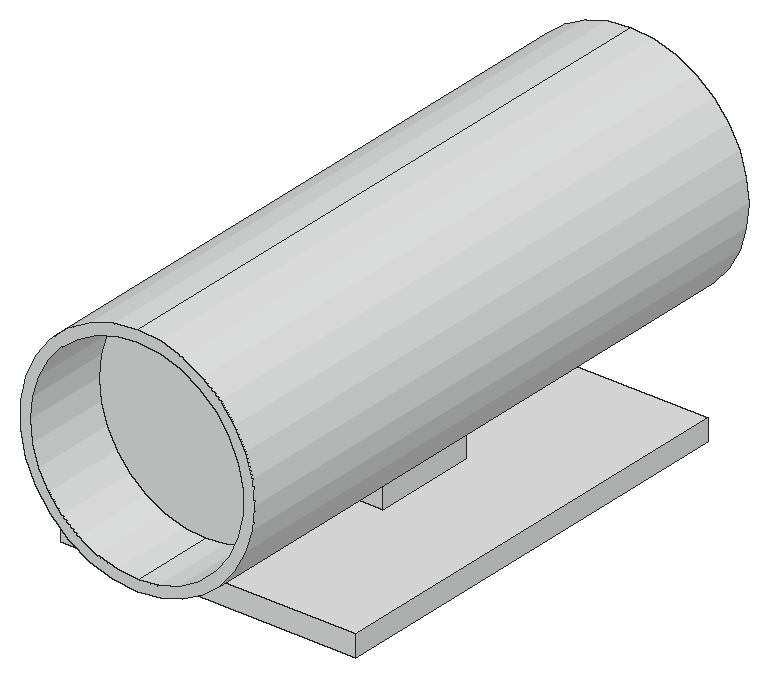
Revit family "Lighting-Surface-Amerlux-Rook X-Up-Down", category Lighting Fixtures, host Face, Revit 2020
Family settings
  Host = Face
  Round Connector Dimension = Use Diameter
  Part Type = Normal
  Cut with Voids When Loaded = No
  Light Source = Yes
  Shared = No
  Room Calculation Point = No
Parameters
  Wattage = 9.2903 W
  built-in parameter 1150110 = 1 (stored number, unit not read)
  Voltage = 0 V
  URL = "http://www.amerlux.com/"
  built-in parameter 1114217 = 1 (stored number, unit not read)
  Tilt Angle = -90.00°
  built-in parameter 1150109 = 1 (stored number, unit not read)
  built-in parameter 1150134 = 3
  built-in parameter 1150113 = 1 (stored number, unit not read)
  Power Factor = 1
  Photometric Web File = "Load File"
  Number of Poles = 1
  built-in parameter 1150142 = (empty or 0)
  Model = "Rook X"
  Manufacturer = "Amerlux"
  built-in parameter 1150105 = 109.82 (stored number, unit not read)
  Lumens = 1380 lm
  built-in parameter 1150115 = 1 (stored number, unit not read)
  built-in parameter 1150137 = (empty or 0)
  built-in parameter 1150139 = (empty or 0)
  built-in parameter 1150112 = 1 (stored number, unit not read)
  built-in parameter 1150114 = 1 (stored number, unit not read)
  built-in parameter 1150132 = (empty or 0)
  built-in parameter 1150102 = (empty or 0)
  built-in parameter 1150107 = 3200 (stored number, unit not read)
  built-in parameter 1150138 = (empty or 0)
  built-in parameter 1150106 = 1.0982 (stored number, unit not read)
  Height = 7.23828"
  Fixture Finish = Aluminum Finish
  Emit from Circle Diameter = 2.50"
  Emit Shape Visible in Rendering = no
  built-in parameter 1150104 = 13.8 (stored number, unit not read)
  Dimming Lamp Color Temperature Shift = <None>
  Description = "Wall Mount"
  Default Elevation = 48.00"
  Color Filter = 16777215
  built-in parameter 1114218 = 1 (stored number, unit not read)
  Back Plate Height = 5.17"
  built-in parameter 1150133 = 10 (stored number, unit not read)
  Apparent Load = 0 VA
Reference planes (in)
  plane 1 "Center (Front/Back)": y = 0
  plane 2: z = 0
  plane 3 "Center (Left/Right)": x = 0
  plane 4: z = 0
  plane 5: z = 24
  plane 6: y = 3.61914
  plane 7: y = -3.61914
  plane 8: y = 2.585
  plane 9: y = -2.585
  plane 10: x = -1.73065
  plane 11: x = 1.73065
Forms (in)
  Extrusion 1, solid, material "Aluminum Finish"
    sketch origin (0, -19.5, 1.91784) x (0, 0, -1) y (-1, 0, 0)
      loop
        circle (0, 0) r 1.375
    from 15.88086 to 23.11914
  Extrusion 2, void
    sketch origin (0, -19.5, 1.91784) x (0, 0, -1) y (-1, 0, 0)
      loop
        circle (0, 0) r 1.25
    from 22.12399 to 23.11914
  Extrusion 3, solid, material "Aluminum Finish" <- "Fixture Finish"
    sketch origin (0, 0, 0) x (1, 0, 0) y (0, 0, 1)
      loop
        line (-1.73065, 0.25) -> (-1.73065, 0) -> (1.73065, 0) -> (1.73065, 0.25) -> (-1.73065, 0.25)
    from -2.585 to 2.585
  Extrusion 4, void
    sketch origin (0, 19.5, 1.91784) x (0, 0, -1) y (1, 0, 0)
      loop
        circle (0, 0) r 1.25
    from 22.12399 to 23.11914
  Extrusion 5, solid, material "Aluminum Finish" <- "Fixture Finish"
    sketch origin (0, 0, 0) x (0, 1, 0) y (0, 0, 1)
      loop
        line (0.59984, 0.5429) -> (-0.60915, 0.5429) -> (-0.60915, 0.25) -> (0.59984, 0.25) -> (0.59984, 0.5429)
    from -0.47183 to 0.47549
Cuts and joins
  Extrusion 2, Extrusion 4 cuts Extrusion 1
Dimensions and locks (in)
  plane 4 to host face = 0.00"
  equal spacing: plane 6, plane 1 "Center (Front/Back)", plane 7
  "Height": plane 6 to plane 7
  equal spacing: plane 8, plane 1 "Center (Front/Back)", plane 9
  "Back Plate Height": plane 8 to plane 9
  equal spacing: plane 10, plane 3 "Center (Left/Right)", plane 11
  plane 10 to plane 11 = 3.4613"
  diameter of Extrusion 1 sketch curve = 2.75"
  aligned and locked: plane 2 to host face
  aligned and locked: level to host face
  aligned and locked: plane 3 "Center (Left/Right)" to imposter light
  aligned and locked: level to Extrusion 3 sketch curve
Automatic sketch dimensions
  host sketch curve to host sketch curve = 96.00"  (x2)
  Extrusion 1 sketch curve to plane 3 "Center (Left/Right)" = 0.00"
  Extrusion 1 sketch curve to plane 5 = 22.08216"
  Extrusion 2 sketch curve to plane 3 "Center (Left/Right)" = 0.00"
  Extrusion 2 sketch curve to plane 5 = 22.08216"
  Extrusion 3 sketch curve to plane 3 "Center (Left/Right)" = 1.73065"
  plane 3 "Center (Left/Right)" to Extrusion 3 sketch curve = 1.73065"
  Extrusion 3 sketch curve to Extrusion 3 sketch curve = 0.25"
  Extrusion 4 sketch curve to plane 3 "Center (Left/Right)" = 0.00"
  Extrusion 4 sketch curve to plane 5 = 22.08216"
  plane 1 "Center (Front/Back)" to Extrusion 5 sketch curve = 0.60915"
  level to Extrusion 5 sketch curve = 0.25"
  Extrusion 5 sketch curve to plane 1 "Center (Front/Back)" = 0.59984"
  Extrusion 5 sketch curve to Extrusion 5 sketch curve = 0.2929"
  radius of Extrusion 2 sketch curve = 1.25"
  radius of Extrusion 4 sketch curve = 1.25"
Nested families (in)
  nested 1: "Family1" at (0, 2.66565, -52.10359), type "Family1"
Connectors (in)
  electrical at (0, 0, 0), driven by "Number of Poles", driven by "Voltage", driven by "Apparent Load", driven by "Power Factor"
    settings: on Extrusion 3, index 1, voltage 0 V, apparent load 0 VA, apparent load phase1 0 VA, apparent load phase2 0 VA, apparent load phase3 0 VA, power factor 1, load classification "Other", number of poles 1, system type 31, power factor state 1, is connector primary yes, connector utility no, sub classification motor no, connector description ""
Definition of nested family "Family1"
  Parameters (values of type "Family1")
    Wattage = 9.2903 W
    built-in parameter 1150110 = 1 (stored number, unit not read)
    built-in parameter 1114217 = 1 (stored number, unit not read)
    Tilt Angle = 90.00°
    built-in parameter 1150109 = 1 (stored number, unit not read)
    built-in parameter 1150134 = 3
    built-in parameter 1150113 = 1 (stored number, unit not read)
    Photometric Web File = "generic"
    built-in parameter 1150142 = (empty or 0)
    built-in parameter 1150105 = 109.82 (stored number, unit not read)
    Lumens = 1380 lm
    built-in parameter 1150115 = 1 (stored number, unit not read)
    built-in parameter 1150137 = (empty or 0)
    built-in parameter 1150139 = (empty or 0)
    built-in parameter 1150112 = 1 (stored number, unit not read)
    built-in parameter 1150114 = 1 (stored number, unit not read)
    built-in parameter 1150132 = (empty or 0)
    built-in parameter 1150102 = (empty or 0)
    built-in parameter 1150107 = 3200 (stored number, unit not read)
    built-in parameter 1150138 = (empty or 0)
    built-in parameter 1150106 = 1.0982 (stored number, unit not read)
    Emit from Circle Diameter = 24.00"
    Emit Shape Visible in Rendering = no
    built-in parameter 1150104 = 13.8 (stored number, unit not read)
    Dimming Lamp Color Temperature Shift = (empty or 0)
    Default Elevation = 0.00"
    Color Filter = 16777215
    built-in parameter 1114218 = 1 (stored number, unit not read)
    built-in parameter 1150133 = 10 (stored number, unit not read)
  Reference planes (in)
    plane 1 "Light Source Axis (F/B)": y = 0
    plane 2: z = 0
    plane 3 "Light Source Axis (L/R)": x = 0
    plane 4 "Light Source Elevation": z = 54
  Dimensions and locks (in)
    aligned and locked: level to plane 2
